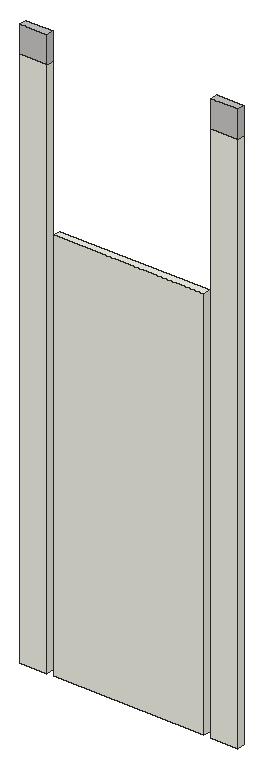
Revit family
Parameters (values of type "B-1188")
  Width Value = if(Inswing Visibility, Inswing Value, if(Outswing, Outswing Value, if(Panel, Panel Value, 36")))  # 22"
  URL = "http://www.bobrick.com"
  Right Stile Visible = yes
  Right Stile Value = if(Right Stile Width < 3", 3", if(Right Stile Width > 24", 24", Right Stile Width))  # 4"
  Partition Material = Laminated Plastic - Bobrick - Designer White
  Panel Value = if(DoorPanel Width < 1", 1", if(DoorPanel Width > 84", 84", DoorPanel Width))  # 1"
  Panel Height [instance] = if(Ceiling Height < 96", 84", if(Ceiling Height > 120", 108", (Ceiling Height - 12")))  # 84"
  Panel = not(Door Panel)  # no
  Outswing Value = if(DoorPanel Width < 25", 25", if(DoorPanel Width > 37", 37", DoorPanel Width))  # 25"
  Outswing = and(not(Inswing Visibility), Door Panel)  # no
  Model = "B1188 DuraLineSeries Ceiling-Hung"
  Manufacturer = "Bobrick Washroom Equipment, Inc."
  Left Stile Visible = yes
  Left Stile Value = if(Left Stile Width < 3", 3", if(Left Stile Width > 24", 24", Left Stile Width))  # 4"
  Inswing Visibility = and(Inswing, Door Panel)  # yes
  Inswing Value = if(DoorPanel Width < 22", 22", if(DoorPanel Width > 37", 37", DoorPanel Width))  # 22"
  Inswing = yes
  DoorPanel Width = 1"
  Door Panel = yes
  Description = "Class A Fire-Resistant Solid Phenolic Partitions and Screens"
  Right Stile Width = 4"
  Ceiling Height [instance] = 96"
  Assembly Code = "C1030200"
  Left Stile Width = 4"
Reference planes (in)
  plane 1 "Center (Front/Back)": y = 0
  plane 2 "Ceiling": z = 96
  plane 3 "Center (Left/Right)": x = 0
  plane 4: y = 0.5
  plane 5: y = -0.5
  plane 6: x = -16
  plane 7: x = -12
  plane 8: x = -11
  plane 9: x = 11
  plane 10: x = 12
  plane 11: x = 16
  plane 12: z = 92
  plane 13: z = 70
  plane 14: z = 12
  plane 15: z = 41
  plane 16: x = 10
  plane 17: y = 22.5
Forms (in)
  Extrusion 1, solid, material "Laminated Plastic - Bobrick - Designer White" <- "Partition Material", visible <- "Left Stile Visible"
    sketch origin (0, 0, 0) x (1, 0, 0) y (0, 1, 0)
      loop
        line (-16, 0.5) -> (-16, -0.5) -> (-12, -0.5) -> (-12, 0.5) -> (-16, 0.5)
    from 12 to 92
  Extrusion 2, solid, material "Laminated Plastic - Bobrick - Designer White" <- "Partition Material", visible <- "Right Stile Visible"
    sketch origin (0, 0, 0) x (1, 0, 0) y (0, 1, 0)
      loop
        line (12, 0.5) -> (12, -0.5) -> (16, -0.5) -> (16, 0.5) -> (12, 0.5)
    from 12 to 92
  Extrusion 3, solid, material "Laminated Plastic - Bobrick - Designer White" <- "Partition Material"
    sketch origin (0, 0, 0) x (1, 0, 0) y (0, 1, 0)
      loop
        line (-11, 0.5) -> (-11, -0.5) -> (11, -0.5) -> (11, 0.5) -> (-11, 0.5)
    from 12 to 70
  Extrusion 4, solid, material "Stainless Steel - Bobrick - Satin", visible <- "Left Stile Visible"
    sketch origin (0, 0, 0) x (1, 0, 0) y (0, 1, 0)
      loop
        line (-16, 0.5) -> (-16, -0.5) -> (-12, -0.5) -> (-12, 0.5) -> (-16, 0.5)
    from 92 to 96
  Extrusion 5, solid, material "Stainless Steel - Bobrick - Satin", visible <- "Right Stile Visible"
    sketch origin (0, 0, 0) x (1, 0, 0) y (0, 1, 0)
      loop
        line (12, 0.5) -> (12, -0.5) -> (16, -0.5) -> (16, 0.5) -> (12, 0.5)
    from 92 to 96
Lines and regions (in)
  Masking region 1, visible <- "Left Stile Visible"
    outline origin (0, 0, 0) x (1, 0, 0) y (0, 0, 1)
      loop
        line (-16, 12) -> (-12, 12) -> (-12, 96) -> (-16, 96) -> (-16, 12)
  Masking region 2, visible <- "Right Stile Visible"
    outline origin (0, 0, 0) x (1, 0, 0) y (0, 0, 1)
      loop
        line (12, 96) -> (12, 12) -> (16, 12) -> (16, 96) -> (12, 96)
  Masking region 3
    outline origin (0, 0, 0) x (1, 0, 0) y (0, 0, 1)
      loop
        line (-11, 70) -> (-11, 12) -> (11, 12) -> (11, 70) -> (-11, 70)
  Masking region 4
    outline origin (0, 0, 0) x (0, 1, 0) y (0, 0, 1)
      loop
        line (0.5, 96) -> (-0.5, 96) -> (-0.5, 12) -> (0.5, 12) -> (0.5, 96)
  Masking region 5, visible <- "Left Stile Visible"
    outline origin (0, 0, 0) x (1, 0, 0) y (0, 1, 0)
      loop
        line (-16, 0.5) -> (-16, -0.5) -> (-12, -0.5) -> (-12, 0.5) -> (-16, 0.5)
  Masking region 6, visible <- "Panel"
    outline origin (0, 0, 0) x (1, 0, 0) y (0, 1, 0)
      loop
        line (-11, 0.5) -> (-11, -0.5) -> (11, -0.5) -> (11, 0.5) -> (-11, 0.5)
  Masking region 7, visible <- "Right Stile Visible"
    outline origin (0, 0, 0) x (1, 0, 0) y (0, 1, 0)
      loop
        line (12, 0.5) -> (12, -0.5) -> (16, -0.5) -> (16, 0.5) -> (12, 0.5)
  symbolic lines, style "Partition Elevation Swing", visible <- "Door Panel"
    curve 1: line (-11, 0, 70) -> (11, 0, 41)
    curve 2: line (11, 0, 41) -> (-11, 0, 12)
  symbolic lines, style "Partition Plan Swing", visible <- "Door Panel"
    curve 3: line (10, 22.5, 0) -> (10, 0.5, 0)
    curve 4: line (10, 22.5, 0) -> (11, 22.5, 0)
    curve 5: line (11, 22.5, 0) -> (11, 0.5, 0)
    curve 6: line (10, 0.5, 0) -> (11, 0.5, 0)
    curve 7: arc (-11, 0.5, 0) -> (-4.55635, 16.05635, 0) -> (11, 22.5, 0) r 22
  symbolic lines, style "Partition", visible <- "Left Stile Visible"
    curve 8: line (-16, 0, 92) -> (-12, 0, 92)
  symbolic lines, style "Partition", visible <- "Right Stile Visible"
    curve 9: line (12, 0, 92) -> (16, 0, 92)
Dimensions and locks (in)
  equal spacing: host sketch curve, plane 3 "Center (Left/Right)", host sketch curve
  equal spacing: host sketch curve, plane 1 "Center (Front/Back)", host sketch curve
  host sketch curve to host sketch curve = 120"  (x2)
  locked: plane 7 to plane 8 at 1
  locked: plane 9 to plane 10 at 1
  "Width Value": plane 8 to plane 9
  equal spacing: plane 8, plane 3 "Center (Left/Right)", plane 9
  "Right Stile Value": plane 10 to plane 11
  "Left Stile Value": plane 6 to plane 7
  equal spacing: plane 5, plane 1 "Center (Front/Back)", plane 4
  locked: plane 4 to plane 5 at 1
  locked: plane 2 "Ceiling" to plane 12 at 4
  locked: plane 13 to plane 14 at 58
  locked: plane 2 "Ceiling" to host ceiling
  "Panel Height": plane 2 "Ceiling" to plane 14
  equal spacing: plane 13, plane 15, plane 14
  "Width Value": plane 17 to plane 4
  locked: plane 16 to plane 9 at 1
  aligned and locked: Extrusion 1 sketch curve to plane 4
  aligned and locked: Extrusion 1 sketch curve to plane 7
  aligned and locked: plane 5 to Extrusion 1 sketch curve
  aligned and locked: plane 6 to Extrusion 1 sketch curve
  aligned and locked: Extrusion 2 sketch curve to plane 4
  aligned and locked: plane 10 to Extrusion 2 sketch curve
  aligned and locked: plane 5 to Extrusion 2 sketch curve
  aligned and locked: Extrusion 2 sketch curve to plane 11
  aligned and locked: Extrusion 3 sketch curve to plane 4
  aligned and locked: plane 8 to Extrusion 3 sketch curve
  aligned and locked: plane 5 to Extrusion 3 sketch curve
  aligned and locked: Extrusion 3 sketch curve to plane 9
  aligned: plane 2 "Ceiling" to Extrusion 1
  aligned and locked: plane 13 to Extrusion 3
  aligned: plane 2 "Ceiling" to Extrusion 2
  aligned and locked: Extrusion 2 to plane 14
  aligned and locked: Extrusion 3 to plane 14
  aligned and locked: Extrusion 1 to plane 14
  aligned and locked: plane 12 to Extrusion 1
  aligned and locked: plane 12 to Extrusion 2
  aligned and locked: Extrusion 4 sketch curve to plane 7
  aligned and locked: plane 6 to Extrusion 4 sketch curve
  aligned and locked: Extrusion 4 sketch curve to plane 4
  aligned and locked: plane 5 to Extrusion 4 sketch curve
  aligned and locked: plane 2 "Ceiling" to Extrusion 4
  aligned and locked: Extrusion 4 to plane 12
  aligned and locked: curve 3 to plane 16
  aligned and locked: curve 4 to plane 17
  aligned and locked: Extrusion 3 to curve 7
  aligned and locked: plane 9 to curve 7
  aligned and locked: plane 4 to curve 7
  aligned and locked: Extrusion 5 to plane 10
  aligned and locked: plane 11 to Extrusion 5
  aligned and locked: Extrusion 5 to plane 12
  aligned and locked: plane 2 "Ceiling" to Extrusion 5
  aligned and locked: Masking region 1 sketch curve to plane 6
  aligned and locked: Masking region 1 sketch curve to plane 14
  aligned and locked: plane 7 to Masking region 1 sketch curve
  aligned and locked: plane 2 "Ceiling" to Masking region 1 sketch curve
  aligned and locked: curve 8 to plane 12
  aligned and locked: plane 7 to curve 8
  aligned and locked: plane 6 to curve 8
  aligned and locked: plane 14 to Masking region 2 sketch curve
  aligned and locked: Masking region 2 sketch curve to plane 11
  aligned and locked: plane 10 to Masking region 2 sketch curve
  aligned and locked: Masking region 2 sketch curve to plane 2 "Ceiling"
  aligned and locked: curve 9 to plane 12
  aligned and locked: plane 10 to curve 9
  aligned and locked: plane 11 to curve 9
  aligned and locked: Masking region 3 sketch curve to plane 9
  aligned and locked: plane 8 to Masking region 3 sketch curve
  aligned and locked: Masking region 3 sketch curve to plane 13
  aligned and locked: plane 14 to Masking region 3 sketch curve
  aligned and locked: plane 14 to Masking region 4 sketch curve
  aligned and locked: Masking region 4 sketch curve to plane 2 "Ceiling"
  aligned and locked: Masking region 4 sketch curve to plane 4
  aligned and locked: Masking region 4 sketch curve to plane 5
  aligned and locked: plane 11 to Masking region 7
  aligned and locked: plane 4 to Masking region 7
  aligned and locked: Masking region 7 to plane 10
  aligned and locked: Masking region 7 to plane 5
  aligned and locked: plane 9 to Masking region 6
  aligned and locked: Masking region 6 to plane 8
  aligned and locked: plane 4 to Masking region 6
  aligned and locked: Masking region 6 to plane 5
  aligned and locked: plane 7 to Masking region 5
  aligned and locked: Masking region 5 to plane 6
  aligned and locked: plane 4 to Masking region 5
  aligned and locked: Masking region 5 to plane 5
  aligned and locked: Extrusion 5 to plane 4
  aligned and locked: Extrusion 5 to plane 5
Automatic sketch dimensions
  curve 2 to plane 8 = 0"
  curve 1 to plane 8 = 0"
  curve 2 to plane 9 = 0"
  curve 2 to plane 14 = 0"
  curve 1 to plane 15 = 0"
  curve 1 to plane 13 = 0"
  curve 5 to plane 4 = 0"
  plane 4 to Extrusion 5 sketch curve = 0"
  Extrusion 5 sketch curve to plane 10 = 0"
  plane 11 to Extrusion 5 sketch curve = 0"
  Extrusion 5 sketch curve to plane 5 = 0"
  Masking region 5 sketch curve to plane 6 = 0"
  Masking region 5 sketch curve to plane 5 = 0"
  Masking region 5 sketch curve to plane 7 = 0"
  plane 4 to Masking region 5 sketch curve = 0"
  plane 7 to Masking region 6 sketch curve = 1"
  plane 3 "Center (Left/Right)" to Masking region 6 sketch curve = 11"
  Masking region 6 sketch curve to plane 5 = 0"
  plane 4 to Masking region 6 sketch curve = 0"
  plane 16 to Masking region 7 sketch curve = 2"
  Masking region 7 sketch curve to plane 5 = 0"
  plane 10 to Masking region 7 sketch curve = 4"
  plane 4 to Masking region 7 sketch curve = 0"
